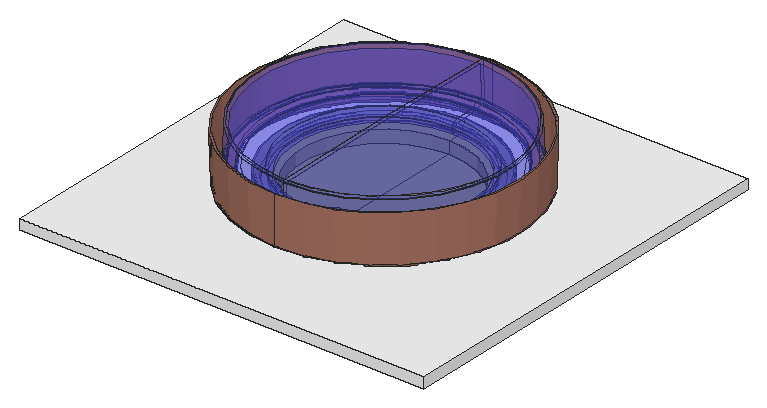
Revit family "BE_31041_de_DE", category Leuchten, Revit 2020
Family settings
  Basisbauteil = Fläche
  Bemaßung runder Anschluss = Durchmesser verwenden
  Teiletyp = Normal
  Beim Laden mit Abzugskörper schneiden = Ja
  Lichtquelle = Ja
  Gemeinsam genutzt = Nein
  Raumberechnungspunkt = Ja
Parameters (values of type "BEGA_31041_K3")
  built-in parameter 1150104 = 13.703 (stored number, unit not read)
  Wattage = 8 W
  Default Elevation = 0 mm
  built-in parameter 1150113 = 1 (stored number, unit not read)
  built-in parameter 1114218 = 1 (stored number, unit not read)
  Umgebungstemperatur = "25 °C"
  URL = "https://www.bega.com/de/produkt/31041"
  Typenkommentare = "© 2022 BEGA. Wir behalten uns das Recht vor, technische Änderungen ohne vorherige Ankündigung vorzunehmen."  # constant formula
  Type Image = 31041.png
  built-in parameter 1150134 = (empty or 0)
  built-in parameter 1150109 = 1 (stored number, unit not read)
  Strom = ""
  built-in parameter 1150110 = 1 (stored number, unit not read)
  Spannung = 239.996 V
  Sonderanfertigung = no
  Seriennummer [instance] = "Hier können Sie die eindeutige Seriennummer für das Facility Management eintragen."
  Schutzklasse = "I"
  Schutzart = "IP 65"
  Scheinlast = 0 VA
  Produktdatenblatt = "https://cdn.bega.com/bega/products/31041K3/current/documents/data-sheets/de"
  Oberflächentemperatur = ""
  Neigungswinkel = 0.00°
  Modell = "31041K3"
  Material_29 = BEGA_Oberfläche_Kupfer_matt
  Material_17 = BEGA_Reflektor
  Material_15 = BEGA_Leuchtmedium_matt
  Material_11 = BEGA_Glas_opal
  Material_09 = BEGA_Glas_klar
  Material_06 = BEGA_Oberfläche_Edelstahl_gebürstet
  Material_03 = BEGA_Oberfläche_Weiss_matt
  Material_02 = BEGA_Oberfläche_Silber_matt
  Material_01 [instance] = BEGA_Oberfläche_Grafit_matt
  M_W = no
  M_G = no
  M_A = no
  Logo = 0
  built-in parameter 1114217 = 1 (stored number, unit not read)
  built-in parameter 1150139 = (empty or 0)
  built-in parameter 1150105 = 93.901 (stored number, unit not read)
  built-in parameter 1150114 = 1 (stored number, unit not read)
  Lumens = 1180 lm
  built-in parameter 1150115 = 1 (stored number, unit not read)
  Leuchtenlichtstrom = "870 lm"
  Leuchtenanzahl = ""
  Lebensdauerkriterien = "L70B50 @ 25 °C = 200000 h"
  Lastklassifizierung = Beleuchtung
  built-in parameter 1150112 = 1 (stored number, unit not read)
  Lampenlichtstrom = "1450 lm"
  Lampe = "LED 7.8 W"
  LED_Modulbezeichnung = "LED-0916/830"
  built-in parameter 1150142 = (empty or 0)
  Hersteller = "BEGA"  # constant formula
  Halbstreuwinkel = ""
  Gewicht = "2.1 kg"
  Gebrauchslageneinschränkung [instance] = ""
  Frequenz = "0/50-60 Hz"
  Farbwiedergabeindex = "CRI > 80"
  Farbtemperaturverschiebung bei Dämpfen der Lampe = <Keine Auswahl>
  Farbtemperatur = "3000 K"
  Color Filter = 16777215
  built-in parameter 1150133 = 10 (stored number, unit not read)
  Energieeffizienzklasse = "LED A++ - A"
  built-in parameter 1150137 = (empty or 0)
  built-in parameter 1150132 = (empty or 0)
  ENEC = "ja"
  Datei für fotometrisches Netz = "BE_31041K3.IES"
  CE_Konformität = "ja"
  Bestellnummer = "31041K3"
  Beschreibung_Sonderanfertigung = "Hier können Sie Informationen zur Sonderanfertigung eintragen."
  Beschreibung = "Decken- und Wandleuchte"
  built-in parameter 1150106 = 0.93901 (stored number, unit not read)
  Befestigungsbohrung = "Ø 5,5 mm"
  Befestigungsabstand = "190 mm"
  Ballwurfsicher = ""
  BEGA_Intern_aus = yes
  BEGA_Intern_an = yes
  BEGA_Intern_Konstruktion = yes
  BEGA_Intern = yes
  BEGA_IES = yes
  BEGA_Dummy = no
  Anschlussleitung = ""
  Anschlussleistung [instance] = "9 W"
  built-in parameter 1150107 = 3000 (stored number, unit not read)
  built-in parameter 1150102 = (empty or 0)
  built-in parameter 1150138 = (empty or 0)
  Aktualisierung = "2022-05-18T04:00:07"
  Abstand_zur_angestrahlten_Fläche [instance] = ""
  AC/DC = "AC/DC"
Reference planes
  plane 1 "Mitte (Vorne/Hinten)": y = 0
  plane 2: z = 0
  plane 3 "Mitte (Links/Rechts)": x = 0
  plane 4 "Links": x = -135
  plane 5 "Rechts": x = 135
  plane 6 "Unten": y = -135
  plane 7 "Oben": y = 135
  plane 8 "Vorne": z = 72.055
  plane 9 "Hinten": z = 0
Forms (mm)
  Extrusion 1, solid, material "BEGA_Platte_Weiss"
    sketch origin (0, -1119.2, 0) x (1, 0, 0) y (0, 1, 0)
      loop
        line (-200, 1319.2) -> (-200, 919.2) -> (200, 919.2) -> (200, 1319.2) -> (-200, 1319.2)
    from 0 to -10
  Extrusion 2, solid, material "BEGA_Dummy_matt", visible <- "BEGA_Dummy"
    sketch origin (77.149, -76.023, 0) x (1, 0, 0) y (0, 1, 0)
      loop
        circle (-77.149, 76.023) r 135
    from 0 to 72.055
Dimensions and locks
  plane 1 "Mitte (Vorne/Hinten)" to Extrusion 1 = 200 mm
  aligned and locked: plane 2 to Extrusion 1
  aligned and locked: level to Extrusion 1
Nested families
  nested 1: "BE_31041" at (0, 0, 0), type "BE_31041"
Connectors
  electrical at (0, 0, 0), driven by "Lastklassifizierung", driven by "Spannung", driven by "Scheinlast"
    settings: index 1, voltage 239.996 V, apparent load 0 VA, apparent load phase1 0 VA, apparent load phase2 0 VA, apparent load phase3 0 VA, power factor 1, load classification "Beleuchtung", number of poles 1, system type 31, power factor state 1, is connector primary yes, connector utility no, sub classification motor no, connector description ""
Definition of nested family "BE_31041"
  Parameters (values of type "BE_31041")
    Default Elevation = 1 mm
    URL = "http://www.bega.de/de/produkt"
    Type Comments = "© 2015 BEGA. Wir behalten uns das Recht vor, technische Änderungen ohne vorherige Ankündigung vorzunehmen. "  # constant formula
    Type Image = (empty or 0)
    Neigungswinkel_um_Z2 = 0.00°
    Neigungswinkel_um_Z1 = 0.00°
    Neigungswinkel_um_Y2 = 0.00°
    Neigungswinkel_um_Y1 = 0.00°
    Neigungswinkel_um_X2 = 0.00°
    Neigungswinkel_um_X1 = 0.00°
    Material_29 = none
    Material_17 = none
    Material_15 = none
    Material_11 = none
    Material_09 = none
    Material_06 = none
    Material_02 = none
    Material_01 = none
    M_W = yes
    M_G = yes
    M_A = yes
    Länge_Platte = 200 mm  # constant formula
    Höhe_Platte = -10 mm  # constant formula
    Manufacturer = "BEGA"  # constant formula
    Drehwinkel_um_Z2 = 0.00°
    Drehwinkel_um_Z1 = 0.00°
    Breite_Platte = 200 mm  # constant formula
  Reference planes
    plane 1 "Mitte (Oben/Unten)": y = 0
    plane 2: z = 0
    plane 3 "Mitte (Links/Rechts)": x = 0
    plane 4 "Vorne": z = 72.055
    plane 5 "Hinten": z = -100
    plane 6 "Links": x = -135
    plane 7 "Rechts": x = 135
    plane 8 "Oben": y = 135
    plane 9: y = -135
  Forms (mm)
    Extrusion 1, solid, detail levels medium
      sketch origin (0, 0, 0) x (1, 0, 0) y (0, 1, 0)
        loop
          line (-100, 100) -> (-100, -100) -> (100, -100) -> (100, 100) -> (-100, 100)
      from 0 to -10 <- "Höhe_Platte"
    Revolve 2, solid, material <- "Material_01"
      sketch origin (0, 0, 0) x (0, 1, 0) y (0, 0, 1)
        loop
          line (-102, 26) -> (-101.555, 0.5) -> (-98.548, 0.5) -> (-97.743, 12) -> (-88.274, 12) -> (-88.047, 5.5) -> (-83.135, 5.5) -> (-82.942, 0) -> (0, 0) -> (0, 4) -> (-80.581, 4) -> (-81, 16) -> (-95.817, 16) -> (-96.001, 21.053) -> (-100.948, 26) -> (-102, 26)
        axis (0, 0) -> (0, 26)
      angle from 0 to 360
    Revolve 3, solid, material <- "Material_11"
      sketch origin (0, 0, 0) x (0, 1, 0) y (0, 0, 1)
        loop
          arc (-91.449, 26.551) -> (-90.038, 25.917) -> (-89.502, 24.465) r 2
          line (-89.502, 24.465) -> (-89.5, 19) -> (-85.5, 19) -> (-85.5, 24.543)
          arc (-85.5, 24.543) -> (-87.199, 28.735) -> (-91.343, 30.55) r 6
          line (-91.343, 30.55) -> (-110.367, 31.048)
          arc (-110.367, 31.048) -> (-112.153, 33.279) -> (-114.869, 34.167) r 5
          line (-114.869, 34.167) -> (-120.901, 34.167) -> (-120.055, 66.478)
          arc (-120.055, 66.478) -> (-60.032, 67.568) -> (-0.001, 67.931) r 4960.447
          line (-0.001, 67.931) -> (-0.001, 71.931)
          arc (-0.001, 71.931) -> (-61.032, 71.556) -> (-122.053, 70.43) r 4964.448
          arc (-122.053, 70.43) -> (-123.417, 69.846) -> (-124.004, 68.483) r 2
          line (-124.004, 68.483) -> (-124.948, 32.432)
          arc (-124.948, 32.432) -> (-124.4, 31.001) -> (-123.001, 30.378) r 2
          line (-123.001, 30.378) -> (-115.003, 30.168)
          arc (-115.003, 30.168) -> (-114.296, 29.876) -> (-114, 29.168) r 1
          line (-114, 29.168) -> (-114, 28.116)
          arc (-114, 28.116) -> (-113.718, 27.419) -> (-113.03, 27.116) r 1
          line (-113.03, 27.116) -> (-91.449, 26.551)
        axis (0, 71.931) -> (0, 19)
      angle from 0 to 360
    Revolve 4, solid, material <- "Material_29"
      sketch origin (0, 0, 0) x (0, 1, 0) y (0, 0, 1)
        loop
          line (-133.8, 63.468) -> (-135, 63.447) -> (-134.18, 16.449)
          arc (-134.18, 16.449) -> (-133.88, 15.754) -> (-133.18, 15.468) r 1
          line (-133.18, 15.468) -> (-126.736, 15.468)
          arc (-126.736, 15.468) -> (-124.998, 16.171) -> (-124.237, 17.884) r 2.5
          line (-124.237, 17.884) -> (-123.877, 28.209)
          arc (-123.877, 28.209) -> (-123.564, 28.901) -> (-122.855, 29.174) r 1
          line (-122.855, 29.174) -> (-115, 28.968) -> (-115, 30.168) -> (-122.53, 30.365)
          arc (-122.53, 30.365) -> (-124.305, 29.683) -> (-125.087, 27.95) r 2.5
          line (-125.087, 27.95) -> (-125.447, 17.633)
          arc (-125.447, 17.633) -> (-125.752, 16.949) -> (-126.446, 16.668) r 1
          line (-126.446, 16.668) -> (-132.001, 16.668)
          arc (-132.001, 16.668) -> (-132.702, 16.955) -> (-133, 17.65) r 1
          line (-133, 17.65) -> (-133.8, 63.468)
        axis (0, 63.468) -> (0, 15.468)
      angle from 0 to 360
    Extrusion 5, void
      sketch origin (0, 0, 0) x (1, 0, 0) y (0, 1, 0)
        loop
          circle (12.5, -44.1) r 5
        loop
          circle (-12.5, -44.1) r 5
        loop
          circle (95, 0) r 2.75
        loop
          circle (-95, 0) r 2.75
      from -4.08 to 9.663
    Extrusion 6, solid, material <- "Material_01"
      sketch origin (0, 0, 0) x (1, 0, 0) y (0, 1, 0)
        loop
          circle (-95, 0) r 6.35
        loop
          circle (95, 0) r 6.35
      from 0.5 to 12
  Cuts and joins
    Extrusion 5 cuts Revolve 2
    Extrusion 5 cuts Extrusion 6
    joined: Revolve 2, Extrusion 6
    Extrusion 5 cuts Revolve 3
  Dimensions and locks
    equal spacing: Extrusion 1 sketch curve, plane 3 "Mitte (Links/Rechts)", Extrusion 1 sketch curve
    equal spacing: Extrusion 1 sketch curve, plane 1 "Mitte (Oben/Unten)", Extrusion 1 sketch curve
    "Länge_Platte": Extrusion 1 sketch curve to Extrusion 1 sketch curve
    "Breite_Platte": Extrusion 1 sketch curve to Extrusion 1 sketch curve
    aligned and locked: plane 2 to Extrusion 1
    aligned and locked: level to Extrusion 1
  Automatic sketch dimensions
    Revolve 2 sketch curve to level = 0 mm
    Revolve 2 sketch curve to plane 1 "Mitte (Oben/Unten)" = 0 mm  (x2)
    level to Revolve 2 sketch curve = 4 mm
    plane 1 "Mitte (Oben/Unten)" to Revolve 2 sketch curve = 80.581 mm
    Revolve 2 sketch curve to Revolve 2 sketch curve = 0.419 mm
    Revolve 2 sketch curve to Revolve 2 sketch curve = 2.361 mm
    Revolve 2 sketch curve to Revolve 2 sketch curve = 2.554 mm
    level to Revolve 2 sketch curve = 5.5 mm
    Revolve 2 sketch curve to Revolve 2 sketch curve = 4.912 mm
    Revolve 2 sketch curve to Revolve 2 sketch curve = 0.227 mm
    Revolve 2 sketch curve to Revolve 2 sketch curve = 7.543 mm
    level to Revolve 2 sketch curve = 21.053 mm
    Revolve 2 sketch curve to Revolve 2 sketch curve = 0.183 mm
    Revolve 2 sketch curve to Revolve 2 sketch curve = 1.926 mm
    level to Revolve 2 sketch curve = 0.5 mm
    Revolve 2 sketch curve to Revolve 2 sketch curve = 0.804 mm
    level to Revolve 2 sketch curve = 26 mm
    Revolve 2 sketch curve to Revolve 2 sketch curve = 4.947 mm
    Revolve 2 sketch curve to Revolve 2 sketch curve = 3.007 mm
    Revolve 2 sketch curve to Revolve 2 sketch curve = 1.052 mm
    Revolve 2 sketch curve to Revolve 2 sketch curve = 6.5 mm
    Revolve 2 sketch curve to Revolve 2 sketch curve = 4 mm
    Revolve 2 sketch curve to Revolve 2 sketch curve = 12 mm
    Revolve 2 sketch curve to Revolve 2 sketch curve = 30 mm
    Revolve 3 sketch curve to Revolve 3 sketch curve = 0 mm  (x10)
    Revolve 3 sketch curve to plane 1 "Mitte (Oben/Unten)" = 0 mm  (x3)
    plane 1 "Mitte (Oben/Unten)" to Revolve 3 sketch curve = 0.001 mm
    level to Revolve 3 sketch curve = 26.551 mm
    Revolve 3 sketch curve to Revolve 3 sketch curve = 1.947 mm
    Revolve 3 sketch curve to Revolve 3 sketch curve = 0.051 mm
    level to Revolve 3 sketch curve = 31.048 mm
    Revolve 3 sketch curve to Revolve 3 sketch curve = 18.917 mm
    Revolve 3 sketch curve to Revolve 3 sketch curve = 2.633 mm
    level to Revolve 3 sketch curve = 27.116 mm
    Revolve 3 sketch curve to Revolve 3 sketch curve = 0.03 mm
    Revolve 3 sketch curve to Revolve 3 sketch curve = 1 mm  (x3)
    level to Revolve 3 sketch curve = 30.168 mm
    Revolve 3 sketch curve to Revolve 3 sketch curve = 0.003 mm
    Revolve 3 sketch curve to Revolve 3 sketch curve = 5.052 mm
    Revolve 3 sketch curve to Revolve 3 sketch curve = 1.95 mm
    Revolve 3 sketch curve to Revolve 3 sketch curve = 7.945 mm
    level to Revolve 3 sketch curve = 32.432 mm
    Revolve 3 sketch curve to Revolve 3 sketch curve = 1.999 mm  (x2)
    Revolve 3 sketch curve to plane 5 "Hinten" = 4792.517 mm
    Revolve 3 sketch curve to Revolve 3 sketch curve = 0.001 mm
    Revolve 3 sketch curve to Revolve 3 sketch curve = 0.054 mm
    Revolve 3 sketch curve to Revolve 3 sketch curve = 34.1 mm
    Revolve 3 sketch curve to Revolve 3 sketch curve = 1.953 mm
    Revolve 3 sketch curve to Revolve 3 sketch curve = 4 mm  (x2)
    Revolve 3 sketch curve to Revolve 3 sketch curve = 0.106 mm
    level to Revolve 3 sketch curve = 30.55 mm
    Revolve 3 sketch curve to Revolve 3 sketch curve = 0.134 mm
    Revolve 3 sketch curve to Revolve 3 sketch curve = 2.048 mm
    Revolve 3 sketch curve to Revolve 3 sketch curve = 0.049 mm
    Revolve 3 sketch curve to Revolve 3 sketch curve = 0.052 mm  (x2)
    level to Revolve 3 sketch curve = 30.378 mm
    Revolve 3 sketch curve to Revolve 3 sketch curve = 18.379 mm
    Revolve 3 sketch curve to Revolve 3 sketch curve = 8.379 mm
    plane 1 "Mitte (Oben/Unten)" to Revolve 3 sketch curve = 91.449 mm
    Revolve 3 sketch curve to Revolve 3 sketch curve = 0.086 mm
    Revolve 3 sketch curve to Revolve 3 sketch curve = 0.078 mm
    level to Revolve 3 sketch curve = 19 mm
    Revolve 3 sketch curve to Revolve 3 sketch curve = 0.002 mm
    Revolve 4 sketch curve to plane 1 "Mitte (Oben/Unten)" = 0 mm
    level to Revolve 4 sketch curve = 30.168 mm
    level to Revolve 4 sketch curve = 30.365 mm
    Revolve 4 sketch curve to Revolve 4 sketch curve = 7.53 mm
    Revolve 4 sketch curve to Revolve 4 sketch curve = 0.058 mm
    level to Revolve 4 sketch curve = 29.174 mm
    Revolve 4 sketch curve to Revolve 4 sketch curve = 0.325 mm
    Revolve 4 sketch curve to Revolve 4 sketch curve = 0.289 mm
    level to Revolve 4 sketch curve = 17.884 mm
    Revolve 4 sketch curve to Revolve 4 sketch curve = 1.649 mm
    level to Revolve 4 sketch curve = 27.95 mm
    Revolve 4 sketch curve to Revolve 4 sketch curve = 2.209 mm  (x2)
    Revolve 4 sketch curve to Revolve 4 sketch curve = 0.29 mm  (x2)
    Revolve 4 sketch curve to Revolve 4 sketch curve = 5.265 mm
    Revolve 4 sketch curve to Revolve 4 sketch curve = 1.179 mm
    Revolve 4 sketch curve to Revolve 4 sketch curve = 11.27 mm
    level to Revolve 4 sketch curve = 16.449 mm
    Revolve 4 sketch curve to Revolve 4 sketch curve = 1 mm  (x4)
    Revolve 4 sketch curve to Revolve 4 sketch curve = 1.2 mm  (x2)
    Revolve 4 sketch curve to Revolve 4 sketch curve = 0.981 mm
    Revolve 4 sketch curve to Revolve 4 sketch curve = 0.2 mm
    Revolve 4 sketch curve to Revolve 4 sketch curve = 0.3 mm
    Revolve 4 sketch curve to Revolve 4 sketch curve = 0.308 mm
    Revolve 4 sketch curve to Revolve 4 sketch curve = 33.081 mm
    Revolve 4 sketch curve to Revolve 4 sketch curve = 0.021 mm
    Revolve 4 sketch curve to Revolve 4 sketch curve = 0.999 mm  (x2)
    level to Revolve 4 sketch curve = 28.209 mm
    Revolve 4 sketch curve to Revolve 4 sketch curve = 0 mm  (x4)
    level to Revolve 4 sketch curve = 17.633 mm
    level to Revolve 4 sketch curve = 17.65 mm
    level to Revolve 4 sketch curve = 44.215 mm
    Revolve 4 sketch curve to Revolve 4 sketch curve = 17.453 mm
    plane 1 "Mitte (Oben/Unten)" to Extrusion 6 sketch curve = 0 mm  (x2)
    Extrusion 6 sketch curve to plane 3 "Mitte (Links/Rechts)" = 95 mm
    plane 3 "Mitte (Links/Rechts)" to Extrusion 6 sketch curve = 95 mm
    plane 1 "Mitte (Oben/Unten)" to Extrusion 5 sketch curve = 0 mm  (x2)
    Extrusion 5 sketch curve to plane 3 "Mitte (Links/Rechts)" = 95 mm
    Extrusion 5 sketch curve to plane 3 "Mitte (Links/Rechts)" = 12.5 mm
    plane 3 "Mitte (Links/Rechts)" to Extrusion 5 sketch curve = 12.5 mm
    Extrusion 5 sketch curve to Extrusion 5 sketch curve = 82.5 mm
    plane 1 "Mitte (Oben/Unten)" to Extrusion 5 sketch curve = 44.1 mm
    Extrusion 5 sketch curve to Extrusion 5 sketch curve = 0 mm
    plane 1 "Mitte (Oben/Unten)" to Revolve 4 sketch curve = 115 mm
    radius of Extrusion 6 sketch curve = 6.35 mm  (x2)
    radius of Extrusion 5 sketch curve = 5 mm  (x2)
    radius of Extrusion 5 sketch curve = 2.75 mm  (x2)
